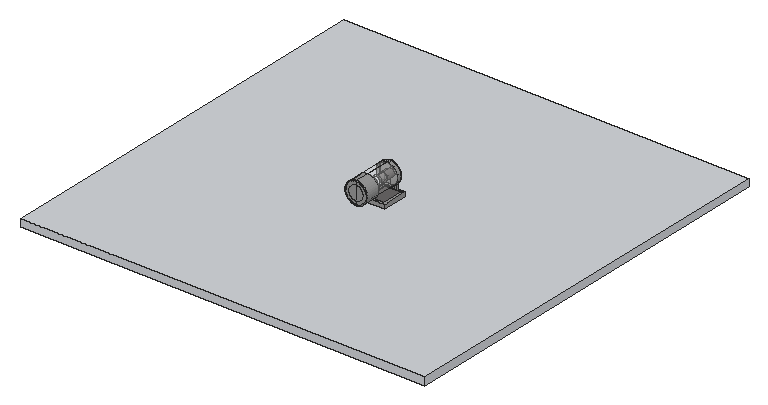
Revit family "P710069-009", category Lighting Fixtures, host Face, Revit 2014
Parameters (values of type "P710069-009")
  Watts = 60 W
  Wattage Comments = "60W"
  Wattage = 60 W
  Warranty = "5 years Warranty"  # constant formula
  built-in parameter 1150110 = 1 (stored number, unit not read)
  Voltage = 120 V
  URL = "https://www.hubbell.com/progresslighting/en"
  built-in parameter 1114217 = 1 (stored number, unit not read)
  Tilt Angle = 60.00°
  built-in parameter 1150109 = 1 (stored number, unit not read)
  built-in parameter 1150134 = 3
  built-in parameter 1150113 = 1 (stored number, unit not read)
  Silver = Paint - Hubbell - Light Silver
  Product Link = "https://www.hubbell.com/progresslighting/en/Products/Lighting-Controls/Design-Series/Jeffrey-Alan-Marks/Jeffrey-Alan-Marks-Lookout-Collection-Wall-Bracket/p/3038116"
  Product Documentation Link = "https://hubbellcdn.com/specsheet/PROG_P710069-009_spec.pdf"
  Power Factor = 1
  Photometric Web File = "generic"
  built-in parameter 1150142 = (empty or 0)
  Model = "P710069-009\r"  # constant formula
  Manufacturer = "Progress Lighting"  # constant formula
  built-in parameter 1150105 = 381.97 (stored number, unit not read)
  Lumens = 4800 lm
  built-in parameter 1150115 = 1 (stored number, unit not read)
  Load Classification = Lighting
  Width = 6"
  built-in parameter 1150137 = (empty or 0)
  built-in parameter 1150139 = (empty or 0)
  built-in parameter 1150112 = 1 (stored number, unit not read)
  built-in parameter 1150114 = 1 (stored number, unit not read)
  Lamp = "A-19"
  built-in parameter 1150132 = (empty or 0)
  built-in parameter 1150102 = (empty or 0)
  built-in parameter 1150107 = 3200 (stored number, unit not read)
  built-in parameter 1150138 = (empty or 0)
  built-in parameter 1150106 = 3.8197 (stored number, unit not read)
  Housing Material = Paint - Hubbell - Textured Camera Black
  Glass = Hubbell - Glass
  Fixture distribution = "Direct"  # constant formula
  Features = "Wall sconce with unique topstitched brown leather back plate and handsome leather-trimmed handle.\r\nLine shines through a cylinder shade of seeded glass, banded top and bottom with Brushed Nickel.\r\nShade is suspended from parallel cut metal arms fastened by a riveted, brown leather strap handle.\r\nUse restoration-style filament bulbs for added sophistication.\r\nUse anywhere there is a need for more ambient or task light, or where floor space is at a premium.\r\nTry in multiples along a hallway, in pairs bedside, flanking a fireplace or bath vanity, or in more traditional spaces such as a dining room to coordinate with the overhead lighting.\r\nWith its substantial form and bespoke leather detailing adding a touch of personality, Lookout is perfect for warmer Modern interiors.\r\nA classic wall sconce design combined with unique bespoke leather detailing blends old with new, creating a New Traditional look that is both timeless and timely.\r\nFinished in a subtly reflective Brushed Nickel for an elegant matte texture effect, offsetting clear seeded glass shade and brown leather detailing.\r\nThis oversized wall sconce is 6 in. wide and 12.875 in. high, with a depth of 7.375 in.\r\nUse one, 60w max. candelabra medium base bulb incandescent or LED equivalent wattage bulbs (bulbs not included).\r\nFor an alternate look, try Edison bulbs or other vintage-style filament bulbs (bulbs not included)."  # constant formula
  Height = 12 7/8"
  built-in parameter 1150104 = 7.4322 (stored number, unit not read)
  Dimming Lamp Color Temperature Shift = <None>
  Description = "The Lookout wall sconce has a modern classic styling that combines Brushed Nickel, clear seeded glass and handsome leather accents for an enduring sensibility that adds an uncomplicated elegance to any interior. Entirely at home in so many locations and lifestyles, the Lookout sconce is ideal to use when multiples are a must. This fixture is part of the Jeffrey Alan Marks Point Dume™ lighting collection which celebrates a curated mix of yesterday and today, distilling both industrial and artisanal influences."  # constant formula
  Default Elevation = 48"
  Copyright = " ©2020 Progress Lighting, a division of Hubbell Lighting, Inc"  # constant formula
  Contact = "https://www.hubbell.com/progresslighting/en/contactUs"
  Connector Description = "Lighting Connector"  # constant formula
  Color Filter = 16777215
  built-in parameter 1114218 = 1 (stored number, unit not read)
  built-in parameter 1150133 = 10 (stored number, unit not read)
  Assembly Code = "D5020200"
  Apparent Load = Watts / Power Factor  # 60 VA
Reference planes (in)
  plane 1 "Center (Front/Back)": y = 0
  plane 2: z = 0.5561
  plane 3 "Center (Left/Right)": x = 0
  plane 4: x = -3
  plane 5: x = 3
  plane 6: y = 3
  plane 7: y = -3
  plane 8: z = 7.9311
  plane 9: z = 62.9311
Forms (in)
  Extrusion 1, solid
    sketch origin (0, 0, 0) x (1, 0, 0) y (0, 1, 0)
      loop
        line (-48, 48) -> (-48, -48) -> (48, -48) -> (48, 48) -> (-48, 48)
    from 0.5561 to -1.25
  Extrusion 2, solid, material "Paint - Hubbell - Textured Camera Black" <- "Housing Material"
    sketch origin (0, 0, 0) x (1, 0, 0) y (0, 1, 0)
      loop
        line (-2.5, 3) -> (-2.5, -3) -> (2.43574, -3) -> (2.43574, 3) -> (-2.5, 3)
    from 0.5561 to 1.49174
  Revolve 3, solid, material "Hubbell - Glass" <- "Glass"
    sketch origin (0, -1.25, 2.0625) x (0, 1, 0) y (0, 0, 1)
      loop
        line (2.96362, 3.36674) -> (2.96362, 5.86674) -> (-7.03638, 5.86674) -> (-7.03638, 3.36674) -> (2.96362, 3.36674)
      axis (2.96362, 3.36674) -> (-7.03638, 3.36674)
    angle from 0 to 360
  Revolve 4, solid, material "Paint - Hubbell - Textured Camera Black" <- "Housing Material"
    sketch origin (0, -7.77987, 2.00013) x (0, 1, 0) y (0, 0, 1)
      loop
        line (9.54342, 3.36674) -> (9.54342, 4.36674) -> (7.51661, 4.36674) -> (7.51661, 3.36674) -> (9.54342, 3.36674)
      axis (9.54342, 3.36674) -> (7.51661, 3.36674)
    angle from 0 to 360
  Revolve 5, solid, material "Hubbell - Glass" <- "Glass"
    sketch origin (0, 0.25, -3.75) x (0, 1, 0) y (0, 0, 1)
      loop
        line (-0.50651, 9.86661) -> (-2.21227, 10.12808)
        arc (-2.21227, 10.12808) -> (-2.48454, 10.12489) -> (-2.75657, 10.11308) r 8.60053
        arc (-2.75657, 10.11308) -> (-2.99674, 10.0695) -> (-3.07252, 9.83747) r 0.23825
        arc (-3.07252, 9.83747) -> (-3.19279, 9.48704) -> (-3.19935, 9.11661) r 1.18889
        line (-3.19935, 9.11661) -> (-0.50651, 9.11661) -> (-0.50651, 9.86661)
      axis (-0.50651, 9.11661) -> (-3.19935, 9.11661)
    angle from 0 to 360
  Extrusion 6, solid, material "Paint - Hubbell - Light Silver" <- "Silver"
    sketch origin (0, -0.03125, 0) x (1, 0, 0) y (0, 1, 0)
      loop
        line (-0.75, 3) -> (-0.75, 2.74351) -> (0, 2.74351) -> (0.875, 2.74351) -> (0.875, 3) -> (0, 3) -> (-0.75, 3)
    from 1.49174 to 5.92237
  Sweep 7, solid, material "Paint - Hubbell - Light Silver" <- "Silver"
    path origin (0, 0, 0) x (1, 0, 0) y (0, 1, 0)
      loop
        line (-2.5, 3) -> (-2.5, -3) -> (2.43574, -3) -> (2.43574, 3) -> (-2.5, 3)
    profile origin (-0.03213, 3, 0) x (0, 1, 0) y (0, 0, 1)
      loop
        line (0.06521, 0.5561) -> (0.06521, 1.5561) -> (-0.43479, 1.5561) -> (-0.43479, 1.49174) -> (0, 1.49174) -> (0, 0.5561) -> (0.06521, 0.5561)
  Revolve 8, solid, material "Paint - Hubbell - Light Silver" <- "Silver"
    sketch origin (0, 0, 0) x (0, 1, 0) y (0, 0, 1)
      loop
        line (1.77731, 7.84548) -> (1.77731, 7.93642)
        arc (1.77731, 7.93642) -> (1.76733, 7.9605) -> (1.74325, 7.97048) r 0.03405
        line (1.74325, 7.97048) -> (0.83981, 7.97048) -> (0.83981, 7.9311) -> (1.71362, 7.9311) -> (1.71362, 5.42924) -> (1.77731, 5.42924) -> (1.77731, 7.84548)
      loop
        line (-5.03638, 7.92924) -> (-5.03638, 8.03298) -> (-8.33373, 8.03298)
        arc (-8.33373, 8.03298) -> (-8.38863, 8.01024) -> (-8.41138, 7.95533) r 0.07765
        line (-8.41138, 7.95533) -> (-8.41138, 7.09548) -> (-8.41138, 5.42924) -> (-8.28638, 5.42924) -> (-8.28638, 7.92924) -> (-5.03638, 7.92924)
      axis (-8.41138, 5.42924) -> (1.77731, 5.42924)
    angle from 0 to 360
  Extrusion 9, solid, material "Paint - Hubbell - Light Silver" <- "Silver"
    sketch origin (0, 0, 0) x (1, 0, 0) y (0, 1, 0)
      loop
        line (-0.54036, 1.71976) -> (-0.46099, 1.71976) -> (-0.46099, 1.89323) -> (0.64128, 1.89323) -> (0.64128, 1.71976) -> (0.70964, 1.71976) -> (0.70964, 1.96976) -> (-0.54036, 1.96976) -> (-0.54036, 1.71976)
    from 5.69051 to 5.92237
  Extrusion 10, solid, material "Paint - Hubbell - Textured Camera Black" <- "Housing Material"
    sketch origin (0, 0, 0) x (0, 1, 0) y (0, 0, 1)
      loop
        line (3, 6.00445) -> (2.65006, 6.00445) -> (2.56932, 5.92372) -> (2.05798, 5.92372) -> (1.91814, 6.00445) -> (1.76355, 6.00445) -> (1.76355, 5.60843) -> (1.91814, 5.60843) -> (2.05798, 5.68917) -> (2.61023, 5.68917) -> (2.69097, 5.60843) -> (3, 5.60843) -> (3, 6.00445)
    from -0.46099 to 0.64128
Dimensions and locks (in)
  "Width": plane 4 to plane 5
  "Width": plane 7 to plane 6
  equal spacing: plane 7, plane 1 "Center (Front/Back)", plane 6
  equal spacing: plane 4, plane 3 "Center (Left/Right)", plane 5
  plane 8 to Extrusion 1 = 7 3/8"
  plane 9 to plane 8 to plane 2 = 55", 7 3/8"
  plane 8 to plane 2 = 7 3/8"
  aligned and locked: plane 2 to Extrusion 1
Automatic sketch dimensions
  Extrusion 1 sketch curve to Extrusion 1 sketch curve = 96"  (x2)
  plane 6 to Extrusion 2 sketch curve = 0"
  plane 4 to Extrusion 2 sketch curve = 1/2"
  Extrusion 2 sketch curve to plane 5 = 0.56426"
  plane 1 "Center (Front/Back)" to Extrusion 2 sketch curve = 3"
  Revolve 3 sketch curve to plane 8 = 0.00186"
  plane 7 to Revolve 3 sketch curve = 5.28638"
  Revolve 3 sketch curve to plane 1 "Center (Front/Back)" = 1.71362"
  Revolve 3 sketch curve to Revolve 3 sketch curve = 2 1/2"
  plane 7 to Revolve 3 sketch curve = 3/8"
  plane 6 to Revolve 3 sketch curve = 2 5/8"
  Revolve 3 sketch curve to plane 8 = 2.50186"
  plane 1 "Center (Front/Back)" to Revolve 4 sketch curve = 0.26326"
  Revolve 4 sketch curve to plane 1 "Center (Front/Back)" = 1.76355"
  Revolve 4 sketch curve to plane 8 = 1.56423"
  Revolve 4 sketch curve to Revolve 4 sketch curve = 8.44203"
  Revolve 4 sketch curve to Revolve 4 sketch curve = 6.21883"
  Revolve 4 sketch curve to Revolve 4 sketch curve = 1"
  Revolve 4 sketch curve to Revolve 4 sketch curve = 0"
  Revolve 5 sketch curve to plane 7 = 0.05065"
  Revolve 5 sketch curve to plane 7 = 1/4"
  Revolve 5 sketch curve to plane 7 = 0.40987"
  Revolve 5 sketch curve to plane 7 = 1.00245"
  Revolve 5 sketch curve to Revolve 5 sketch curve = 0.19039"
  plane 1 "Center (Front/Back)" to Revolve 5 sketch curve = 0.25651"
  Revolve 5 sketch curve to plane 2 = 2.77848"
  Revolve 5 sketch curve to Revolve 5 sketch curve = 0.16443"
  Revolve 5 sketch curve to Revolve 5 sketch curve = 3/4"
  Revolve 5 sketch curve to Revolve 5 sketch curve = 0.77335"
  Revolve 5 sketch curve to Revolve 5 sketch curve = 0.84704"
  Revolve 5 sketch curve to plane 7 = 0.17748"
  Revolve 5 sketch curve to Revolve 5 sketch curve = 0"  (x4)
  plane 6 to Extrusion 6 sketch curve = 1/32"
  Extrusion 6 sketch curve to plane 3 "Center (Left/Right)" = 0"  (x2)
  Extrusion 6 sketch curve to plane 3 "Center (Left/Right)" = 3/4"
  Extrusion 6 sketch curve to Extrusion 6 sketch curve = 7/8"
  plane 6 to Extrusion 6 sketch curve = 0.28774"
  plane 7 to Sweep 7 sketch curve = 0"
  plane 6 to Sweep 7 sketch curve = 0"
  plane 4 to Sweep 7 sketch curve = 1/2"
  Sweep 7 sketch curve to plane 5 = 0.56426"
  Sweep 7 sketch curve to profile plane = 0"
  profile plane to Sweep 7 sketch curve = 0.43479"
  Sweep 7 sketch curve to profile plane = 0.06521"
  level to Sweep 7 sketch curve = 1.49174"
  Sweep 7 sketch curve to Sweep 7 sketch curve = 0.06436"
  level to Sweep 7 sketch curve = 0.5561"
  Revolve 8 sketch curve to plane 8 = 0"
  plane 7 to Revolve 8 sketch curve = 5.41138"
  Revolve 8 sketch curve to Revolve 8 sketch curve = 0.07765"
  Revolve 8 sketch curve to plane 8 = 0.00186"
  Revolve 8 sketch curve to Revolve 8 sketch curve = 0.04735"
  plane 7 to Revolve 8 sketch curve = 2.03638"
  plane 8 to Revolve 8 sketch curve = 0.03938"
  Revolve 8 sketch curve to plane 1 "Center (Front/Back)" = 0.83981"
  Revolve 8 sketch curve to Revolve 8 sketch curve = 0.87382"
  plane 8 to Revolve 8 sketch curve = 0.00532"
  Revolve 8 sketch curve to Revolve 8 sketch curve = 0.02963"
  Revolve 8 sketch curve to plane 8 = 0.08562"
  Revolve 8 sketch curve to plane 8 = 0.83562"
  Revolve 8 sketch curve to Revolve 8 sketch curve = 2.41624"
  Revolve 8 sketch curve to Revolve 8 sketch curve = 1.66624"
  plane 8 to Revolve 8 sketch curve = 0.02423"
  Revolve 8 sketch curve to Revolve 8 sketch curve = 0"
  Revolve 8 sketch curve to plane 6 = 3.71362"
  Revolve 8 sketch curve to plane 8 = 2.50186"
  Extrusion 9 sketch curve to plane 3 "Center (Left/Right)" = 0.54036"
  Extrusion 9 sketch curve to Extrusion 9 sketch curve = 0.07937"
  plane 3 "Center (Left/Right)" to Extrusion 9 sketch curve = 0.64128"
  Extrusion 9 sketch curve to Extrusion 9 sketch curve = 0.06836"
  plane 6 to Extrusion 9 sketch curve = 1.28024"
  Extrusion 9 sketch curve to Extrusion 9 sketch curve = 0.17348"  (x2)
  Extrusion 9 sketch curve to Extrusion 9 sketch curve = 0.07652"
  Extrusion 10 sketch curve to plane 6 = 0"
  Extrusion 10 sketch curve to Extrusion 10 sketch curve = 0.30903"
  plane 6 to Extrusion 10 sketch curve = 0.34994"
  Extrusion 10 sketch curve to Extrusion 10 sketch curve = 0.08074"  (x5)
  Extrusion 10 sketch curve to Extrusion 10 sketch curve = 0.51133"
  Extrusion 10 sketch curve to Extrusion 10 sketch curve = 0"  (x2)
  Extrusion 10 sketch curve to Extrusion 10 sketch curve = 0.13984"  (x2)
  Extrusion 10 sketch curve to Extrusion 10 sketch curve = 0.15459"
  Extrusion 10 sketch curve to plane 8 = 2.32267"
  Extrusion 10 sketch curve to Extrusion 10 sketch curve = 0.23455"
Connectors (in)
  electrical at (-0.03213, 0, 0.5561), driven by "Voltage", driven by "Apparent Load", driven by "Power Factor", driven by "Connector Description"
    settings: on Extrusion 2, index 1, voltage 120 V, apparent load 60 VA, apparent load phase1 0 VA, apparent load phase2 0 VA, apparent load phase3 0 VA, power factor 1, load classification "Other", number of poles 1, system type 30, power factor state 1, is connector primary yes, connector utility no, sub classification motor no, connector description "Lighting Connector"
